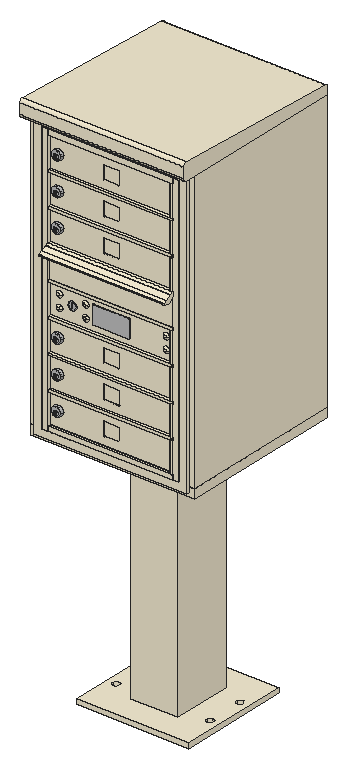
Revit family "Mailboxes_4C-Salsbury_Industries-Pedestal_Mounted-8_Door_High_Units", category Specialty Equipment, Revit 2016 (continued)
Definition of nested family "Mailboxes_4C-Salsbury_Industries-Front_Load-8_Door_High_Units"
  Nested families (in)
    nested 6: "3700 Series 4C Door Configurations" at (7.37475, -0.20495, 35) x (-1, 0, 0) z (0, 0, 1), type <- "Door Slot R6", Door Number <- "Door Slot R6 Number", type "MB1 Door w/ Divider"
      with Door Number "4"
    nested 7: "3700 Series 4C Door Configurations" at (7.37475, -0.20495, 31.5) x (-1, 0, 0) z (0, 0, 1), type <- "Door Slot R7", Door Number <- "Door Slot R7 Number", type "MB1 Door w/ Divider"
      with Door Number "5"
    nested 8: "3700 Series 4C Door Configurations" at (7.37475, -0.20495, 28) x (-1, 0, 0) z (0, 0, 1), type <- "Door Slot R8", Door Number <- "Door Slot R8 Number", type "MB1 Door w/ Divider"
      with Door Number "6"
    nested 9: "3700 Series 4C Door Configurations" at (7.37891, -0.20495, 52.5) x (-1, 0, 0) z (0, 0, 1), type <- "Door Slot L1", Door Number <- "Door Slot L1 Number", type "Empty"
      with Door Number "0"
    nested 10: "3700 Series 4C Door Configurations" at (7.37891, -0.20495, 49) x (-1, 0, 0) z (0, 0, 1), type <- "Door Slot L2", Door Number <- "Door Slot L2 Number", type "Empty"
      with Door Number "0"
    nested 11: "3700 Series 4C Door Configurations" at (7.37891, -0.20495, 45.5) x (-1, 0, 0) z (0, 0, 1), type <- "Door Slot L3", Door Number <- "Door Slot L3 Number", type "Empty"
      with Door Number "0"
    nested 12: "3700 Series 4C Door Configurations" at (7.37891, -0.20495, 42) x (-1, 0, 0) z (0, 0, 1), type <- "Door Slot L4", Door Number <- "Door Slot L4 Number", type "Empty"
      with Door Number "0"
    nested 13: "3700 Series 4C Door Configurations" at (7.37891, -0.20495, 38.5) x (-1, 0, 0) z (0, 0, 1), type <- "Door Slot L5", Door Number <- "Door Slot L5 Number", type "Empty"
      with Door Number "0"
    nested 14: "3700 Series 4C Door Configurations" at (7.37891, -0.20495, 35) x (-1, 0, 0) z (0, 0, 1), type <- "Door Slot L6", Door Number <- "Door Slot L6 Number", type "Empty"
      with Door Number "0"
    nested 15: "3700 Series 4C Door Configurations" at (7.37891, -0.20495, 31.5) x (-1, 0, 0) z (0, 0, 1), type <- "Door Slot L7", Door Number <- "Door Slot L7 Number", type "Empty"
      with Door Number "0"
    nested 16: "3700 Series 4C Door Configurations" at (7.37891, -0.20495, 28) x (-1, 0, 0) z (0, 0, 1), type <- "Door Slot L8", Door Number <- "Door Slot L8 Number", type "Empty"
      with Door Number "0"
  Definition of nested family "3700 Series 4C Door Configurations"
    Parameters (values of type "MB3 Door")
      Weight = "15 lbs."
      Visible Door Number = yes
      URL = ""
      Model = "3700MB3"
      Manufacturer = "Salsbury Industries"
      Lock Material = none
      Inset Offset = 0.000"
      Front Panel Material = none
      Door Width = 13.375"
      Door Visibility-MB1 = yes
      Door Number [instance] = "101"
      Door Lock = yes
      Door Height = 10.23047"
      Door Divider = no
      Door Depth = 0.25391"
      Description = "MB3 Door for 3700 Series 4C Mailboxes"
      Cost = 0
      Center Lock-Vertical = 0.875"
      Center Lock-Horizontal = 1.61523"
    Types (11): name | Weight | Visible Door Number | Model | Inset Offset | Door Visibility-MB1 | Door Lock | Door Height | Door Divider | Description
      MB1 Door w/ Divider | "5 lbs." | yes | "3700MB1" | 0.000" | yes | yes | 3.23047" | yes | "MB1 Door for 3700 Series 4C Mailboxes"
      MB1 Door | "5 lbs." | yes | "3700MB1" | 0.000" | yes | yes | 3.23047" | no | "MB1 Door for 3700 Series 4C Mailboxes"
      MB2 Door | "10 lbs." | yes | "3700MB2" | 0.000" | yes | yes | 6.73047" | no | "MB2 Door for 3700 Series 4C Mailboxes"
      MB2 Door w/ Divider | "10 lbs." | yes | "3700MB2" | 0.000" | yes | yes | 6.73047" | yes | "MB2 Door for 3700 Series 4C Mailboxes"
      MB3 Door | "15 lbs." | yes | "3700MB3" | 0.000" | yes | yes | 10.23047" | no | "MB3 Door for 3700 Series 4C Mailboxes"
      MB3 Door w/ Divider | "15 lbs." | yes | "3700MB3" | 0.000" | yes | yes | 10.23047" | yes | "MB3 Door for 3700 Series 4C Mailboxes"
      MB4 Door | "20 lbs." | yes | "3700MB4" | 0.000" | yes | yes | 13.73047" | no | "MB4 Door for 3700 Series 4C Mailboxes"
      MB4 Door w/ Divider | "20 lbs." | yes | "3700MB4" | 0.000" | yes | yes | 13.73047" | yes | "MB4 Door for 3700 Series 4C Mailboxes"
      Blank Door | "5 lbs." | no | "3700MB1" | 0.18359" | yes | no | 3.23047" | no | "MB1 Door for 3700 Series 4C Mailboxes"
      Blank Door w/ Divider | "5 lbs." | no | "3700MB1" | 0.18402" | yes | no | 3.23047" | yes | "MB1 Door for 3700 Series 4C Mailboxes"
      Empty | "5 lbs." | no | "Empty MB1" | 0.18359" | no | no | 3.23047" | no | "Empty MB1 Door for 3700 Series 4C Mailboxes"
    Reference planes (in)
      plane 1 "Center (Front/Back)": y = 0
      plane 2 "Bottom of Door": z = 0
      plane 3 "Center (Left/Right)": x = 0
      plane 4 "Left Side Face of Door": x = -6.6875
      plane 5 "Right Side Face of Door": x = 6.6875
      plane 6 "Back Face of Door": y = 0.12695
      plane 7 "Front Face of Door": y = -0.12695
      plane 8: z = 10.23047
      plane 9: z = 5.11523
      plane 10 "Face of Divider": y = -0.46995
      plane 11 "Center Lock Vertical": x = -5.8125
      plane 12 "Center Lock Horizontal": z = 1.61523
      plane 13 "Face of Lock": y = -0.42383
      plane 14 "Divider Height Align": z = 10.50047
      plane 15 "Inset Center": x = -0.0975
      plane 16 "Inset Offset": y = -0.12695
      plane 17: z = 5.49038
      plane 18: z = 4.74072
    Forms (in)
      Extrusion 1, solid, material <- "Front Panel Material", visible <- "Door Visibility-MB1"
        sketch origin (0, 0, 0) x (1, 0, 0) y (0, 1, 0)
          loop
            line (-6.4355, 0.12695) -> (-6.6875, -0.05445) -> (-6.6875, -0.12695) -> (6.05625, -0.12695)
            arc (6.05625, -0.12695) -> (6.19558, -0.17661) -> (6.27209, -0.3032) r 0.22029
            arc (6.27209, -0.3032) -> (6.3553, -0.42132) -> (6.4925, -0.46664) r 0.23034
            arc (6.4925, -0.46664) -> (6.63039, -0.40952) -> (6.6875, -0.27164) r 0.195
            line (6.6875, -0.27164) -> (6.6875, 0.12695) -> (-6.4355, 0.12695)
        from 0 to 10.23047
      Blend 2, solid, material <- "Lock Material", visible <- "Door Lock"
        base sketch origin (0, -0.12695, 0) x (-1, 0, 0) y (0, 0, 1)
          loop
            circle (5.8125, 5.11523) r 0.525
        top sketch origin (0, -0.12695, 0) x (-1, 0, 0) y (0, 0, 1)
          loop
            circle (5.8125, 5.11523) r 0.485
        from 0 to -0.29688
      Extrusion 3, solid, material <- "Front Panel Material", visible <- "Door Divider"
        sketch origin (0, 0, 10.50047) x (-1, 0, 0) y (0, -1, 0)
          loop
            line (6.6875, -0.12695) -> (6.6875, 0.46995) -> (-6.6875, 0.46995) -> (-6.6875, -0.12695) -> (6.6875, -0.12695)
        from -0.27 to 0
      Extrusion 4, void, detail levels fine
        sketch origin (0, -0.42383, 0) x (1, 0, 0) y (0, 0, 1)
          loop
            circle (-5.8125, 4.99523) r 0.285
        from 0 to -0.01562
      Extrusion 5, void, detail levels fine
        sketch origin (0, -0.42383, 0) x (1, 0, 0) y (0, 0, 1)
          loop
            line (-5.84183, 5.12353) -> (-5.84183, 4.82353) -> (-5.78183, 4.82353) -> (-5.78183, 5.12353) -> (-5.84183, 5.12353)
        from 0 to -0.03906
      Extrusion 6, void, detail levels fine
        sketch origin (0, -0.12695, 0) x (0, 0, 1) y (-1, 0, 0)
          loop
            arc (5.86523, 0.8475) -> (5.82862, 0.93589) -> (5.74023, 0.9725) r 0.125
            line (5.74023, 0.9725) -> (4.49023, 0.9725)
            arc (4.49023, 0.9725) -> (4.40185, 0.93589) -> (4.36523, 0.8475) r 0.125
            line (4.36523, 0.8475) -> (4.36523, -0.6525)
            arc (4.36523, -0.6525) -> (4.40185, -0.74089) -> (4.49023, -0.7775) r 0.125
            line (4.49023, -0.7775) -> (5.74023, -0.7775)
            arc (5.74023, -0.7775) -> (5.82862, -0.74089) -> (5.86523, -0.6525) r 0.125
            line (5.86523, -0.6525) -> (5.86523, 0.8475)
        from 0 to -0.03906
    Cuts and joins
      Extrusion 4, Extrusion 5 cuts Blend 2
      Extrusion 6 cuts Extrusion 1
    Lines and regions (in)
      symbolic lines
        curve 1: circle (-5.8125, 0, 5.11523) r 0.53054 normal (0, -1, 0)
    Dimensions and locks (in)
      equal spacing: plane 6 "Back Face of Door", plane 1 "Center (Front/Back)", plane 7 "Front Face of Door"
      "Door Depth": plane 6 "Back Face of Door" to plane 7 "Front Face of Door"
      equal spacing: plane 4 "Left Side Face of Door", plane 3 "Center (Left/Right)", plane 5 "Right Side Face of Door"  (x2)
      "Door Width": plane 4 "Left Side Face of Door" to plane 5 "Right Side Face of Door"
      locked: plane 7 "Front Face of Door" to plane 10 "Face of Divider" at 0.343
      "Center Lock-Vertical": plane 4 "Left Side Face of Door" to plane 11 "Center Lock Vertical"
      "Inset Offset": plane 16 "Inset Offset" to plane 7 "Front Face of Door"
      plane 4 "Left Side Face of Door" to plane 5 "Right Side Face of Door" = 13.375"
      plane 6 "Back Face of Door" to plane 10 "Face of Divider" = 0.59691"
      "Door Height": plane 8 to plane 2 "Bottom of Door"
      equal spacing: plane 8, plane 9, plane 2 "Bottom of Door"
      locked: plane 14 "Divider Height Align" to plane 8 at 0.27
      plane 17 to plane 9 to plane 18 = 0.37515" locked, 0.37452" locked
      aligned and locked: level to plane 2 "Bottom of Door"
      aligned and locked: plane 4 "Left Side Face of Door" to Extrusion 1
      aligned and locked: plane 6 "Back Face of Door" to Extrusion 1
      aligned and locked: plane 7 "Front Face of Door" to Extrusion 1
      aligned and locked: plane 8 to Extrusion 1
      aligned and locked: Extrusion 3 sketch curve to plane 4 "Left Side Face of Door"
      aligned and locked: Extrusion 3 sketch curve to plane 6 "Back Face of Door"
      aligned and locked: plane 5 "Right Side Face of Door" to Extrusion 3 sketch curve
      aligned and locked: Extrusion 3 to plane 8
      aligned and locked: plane 10 "Face of Divider" to Extrusion 3 sketch curve
      aligned and locked: plane 14 "Divider Height Align" to Extrusion 3
      aligned and locked: cut or joined group of Extrusion 1, Extrusion 6 to plane 2 "Bottom of Door"
      aligned and locked: plane 18 to text3d elem
    Automatic sketch dimensions
      Extrusion 1 sketch curve to plane 4 "Left Side Face of Door" = 0.000"
      Extrusion 1 sketch curve to plane 6 "Back Face of Door" = 0.000"
      Extrusion 1 sketch curve to plane 7 "Front Face of Door" = 0.000"
      Extrusion 1 sketch curve to plane 5 "Right Side Face of Door" = 0.000"
      Extrusion 1 sketch curve to plane 4 "Left Side Face of Door" = 0.252"
      plane 5 "Right Side Face of Door" to Extrusion 1 sketch curve = 0.63125"
      Extrusion 1 sketch curve to plane 7 "Front Face of Door" = 0.10935"
      plane 5 "Right Side Face of Door" to Extrusion 1 sketch curve = 0.195"
      Extrusion 1 sketch curve to plane 7 "Front Face of Door" = 0.14468"
      plane 10 "Face of Divider" to Extrusion 1 sketch curve = 0.12271"
      plane 1 "Center (Front/Back)" to Extrusion 1 sketch curve = 0.05445"
      plane 10 "Face of Divider" to Extrusion 1 sketch curve = 0.16676"
      Blend 2 sketch curve to plane 9 = 0.000"  (x2)
      plane 11 "Center Lock Vertical" to Blend 2 sketch curve = 0.000"  (x2)
      plane 11 "Center Lock Vertical" to Extrusion 4 sketch curve = 0.000"
      Extrusion 4 sketch curve to plane 9 = 0.120"
      Extrusion 4 sketch curve to Extrusion 4 sketch curve = 0.285"
      plane 11 "Center Lock Vertical" to Extrusion 5 sketch curve = 0.02933"
      Extrusion 5 sketch curve to plane 11 "Center Lock Vertical" = 0.03067"
      Extrusion 5 sketch curve to plane 9 = 0.2917"
      plane 9 to Extrusion 5 sketch curve = 0.0083"
      Extrusion 6 sketch curve to plane 9 = 0.750"
      Extrusion 6 sketch curve to Extrusion 6 sketch curve = 0.125"  (x3)
      plane 9 to Extrusion 6 sketch curve = 0.625"  (x2)
      plane 3 "Center (Left/Right)" to Extrusion 6 sketch curve = 0.7775"
      plane 15 "Inset Center" to Extrusion 6 sketch curve = 0.750"
      curve 1 to plane 9 = 0.000"
      plane 11 "Center Lock Vertical" to curve 1 = 0.000"
      radius of Blend 2 sketch curve = 0.525"
      radius of Blend 2 sketch curve = 0.485"
      radius of curve 1 = 0.53054"
  Definition of nested family "3700 Series 4C OM2 Configuration"
    Parameters (values of type "OM2-FL")
      Weight = ""
      URL = ""
      Access Lock Offset = 0.000"
      Access Lock = yes
      Model = "3700OM2-FL"
      Manufacturer = "Salsbury Industries"
      Lock Material = none
      Front Panel Material = none
      Door Width = 13.375"
      Door Number [instance] = "101"
      Door Height = 7.00047"
      Door Depth = 0.25391"
      Description = "OM2 Door for 3700 Series 4C Mailboxes-Front Loading"
      Cost = 0
      Center Lock-Vertical = 2.360"
      Center Lock-Horizontal = 1.61523"
    Types (3): name | Access Lock Offset | Access Lock | Model | Description
      (no name) | 0.000" | yes | "3700OM2-FL" | "OM2 Door for 3700 Series 4C Mailboxes-Front Loading"
      OM2-FL | 0.000" | yes | "3700OM2-FL" | "OM2 Door for 3700 Series 4C Mailboxes-Front Loading"
      OM2-RL | 0.3125" | no | "3700OM2-RL" | "OM2 Door for 3700 Series 4C Mailboxes-Rear Loading"
    Reference planes (in)
      plane 1 "Center (Front/Back)": y = 0
      plane 2 "Bottom of Door": z = 0
      plane 3 "Center (Left/Right)": x = 0
      plane 4 "Left Side Face of Door": x = -6.6875
      plane 5 "Right Side Face of Door": x = 6.6875
      plane 6 "Back Face of Door": y = 0.12695
      plane 7 "Front Face of Door": y = -0.12695
      plane 8: z = 3.23047
      plane 9: z = 1.61523
      plane 10: y = -0.46995
      plane 11 "Center Lock Vertical": x = -4.3275
      plane 12 "Center Lock Horizontal": z = 1.61523
      plane 13 "Face of Lock": y = -0.42383
      plane 14 "Divider Height Align": z = 3.50047
      plane 15 "Plate Center": x = -0.16063
      plane 16 "Left Stud Align": x = -5.7025
      plane 17 "Right Stud Align": x = -2.8895
      plane 18 "Top Stud Align": z = 2.27147
      plane 19 "Bottom Stud Align": z = 0.95947
      plane 20 "Hinge Stud Align": x = 5.6875
      plane 21 "Mail Plate Top": z = 2.61547
      plane 22 "Mail Plate Bottom": z = 0.61547
      plane 23: x = -2.1595
      plane 24: x = 1.8405
      plane 25 "Face of Mail Plate": y = -0.16602
      plane 26 "Top of Mail Drop Door": z = 6.73094
      plane 27 "Top of Mail Drop Divider": z = 7.00047
      plane 28 "Face of Mail Drop": y = -0.31995
      plane 29 "Top of Mail Slot": z = 6.42087
      plane 30 "Bottom of Mail Slot": z = 5.67087
      plane 31 "Left Edge of Mail Slot": x = -5.3755
      plane 32 "Right Edge of Mail Slot": x = 5.3755
      plane 33 "Mail Slot Bottom Protusion": z = 6.50987
      plane 34: y = -0.49395
      plane 35: z = 6.15637
      plane 36 "Front of Awning": y = -1.63495
      plane 37: y = -1.15685
      plane 38 "Mail Slot Slope": through (-240, -0.44582, 6.9722) normal (0, -0.5, 0.866)
      plane 39 "Access Lock Offset": y = 0.12695
    Forms (in)
      Extrusion 1, solid, material <- "Front Panel Material"
        sketch origin (0, 0, 0) x (1, 0, 0) y (0, 1, 0)
          loop
            line (-6.4355, 0.12695) -> (-6.6875, -0.05445) -> (-6.6875, -0.12695) -> (6.05625, -0.12695)
            arc (6.05625, -0.12695) -> (6.19558, -0.17661) -> (6.27209, -0.3032) r 0.22029
            arc (6.27209, -0.3032) -> (6.3553, -0.42132) -> (6.4925, -0.46664) r 0.23034
            arc (6.4925, -0.46664) -> (6.63039, -0.40952) -> (6.6875, -0.27164) r 0.195
            line (6.6875, -0.27164) -> (6.6875, 0.12695) -> (-6.4355, 0.12695)
        from 0 to 3.23047
      Extrusion 2, solid, material <- "Front Panel Material"
        sketch origin (0, 0, 3.50047) x (-1, 0, 0) y (0, -1, 0)
          loop
            line (6.6875, -0.12695) -> (6.6875, 0.46995) -> (-6.6875, 0.46995) -> (-6.6875, -0.12695) -> (6.6875, -0.12695)
        from -0.27 to 0
      Extrusion 3, void
        sketch origin (0, 0.12695, 0) x (0, 0, -1) y (-1, 0, 0)
          loop
            circle (-1.61523, 4.3275) r 0.4375
        from 0 to -0.25391
      Extrusion 4, solid, material <- "Lock Material", visible <- "Access Lock"
        sketch origin (0, 0.12695, 0) x (0, 0, -1) y (-1, 0, 0)
          loop
            circle (-1.61523, 4.3275) r 0.42913
        from 0 to -0.25391
      Extrusion 5, void, detail levels fine
        sketch origin (0, 0.12695, 3.4) x (-1, 0, 0) y (0, 0, 1)
          loop
            line (4.3568, -1.47517) -> (4.2982, -1.47517) -> (4.2982, -2.09436) -> (4.3568, -2.09436) -> (4.3568, -1.47517)
        from -0.12695 to -0.25391
      Blend 6, solid, material <- "Front Panel Material", detail levels medium+fine
        base sketch origin (0, -0.12695, 2.68123) x (-1, 0, 0) y (0, 0, 1)
          loop
            circle (5.7025, -0.40977) r 0.15665
        top sketch origin (0, -0.12695, 2.68123) x (-1, 0, 0) y (0, 0, 1)
          loop
            circle (5.7025, -0.40977) r 0.3125
        from -0.11328 to 0
      Blend 7, solid, material <- "Front Panel Material", detail levels medium+fine
        base sketch origin (1.3125, -0.12695, 2.68123) x (-1, 0, 0) y (0, 0, 1)
          loop
            circle (4.202, -0.40977) r 0.15665
        top sketch origin (1.3125, -0.12695, 2.68123) x (-1, 0, 0) y (0, 0, 1)
          loop
            circle (4.202, -0.40977) r 0.3125
        from -0.11328 to 0
      Blend 8, solid, material <- "Front Panel Material", detail levels medium+fine
        base sketch origin (0, -0.12695, 1.36923) x (-1, 0, 0) y (0, 0, 1)
          loop
            circle (5.7025, -0.40977) r 0.15665
        top sketch origin (0, -0.12695, 1.36923) x (-1, 0, 0) y (0, 0, 1)
          loop
            circle (5.7025, -0.40977) r 0.3125
        from -0.11328 to 0
      Blend 9, solid, material <- "Front Panel Material", detail levels medium+fine
        base sketch origin (1.3125, -0.12695, 1.36923) x (-1, 0, 0) y (0, 0, 1)
          loop
            circle (4.202, -0.40977) r 0.15665
        top sketch origin (1.3125, -0.12695, 1.36923) x (-1, 0, 0) y (0, 0, 1)
          loop
            circle (4.202, -0.40977) r 0.3125
        from -0.11328 to 0
      Blend 10, solid, material <- "Front Panel Material", detail levels medium+fine
        base sketch origin (9.8895, -0.12695, 2.68123) x (-1, 0, 0) y (0, 0, 1)
          loop
            circle (4.202, -0.40977) r 0.15665
        top sketch origin (9.8895, -0.12695, 2.68123) x (-1, 0, 0) y (0, 0, 1)
          loop
            circle (4.202, -0.40977) r 0.3125
        from -0.11328 to 0
      Blend 11, solid, material <- "Front Panel Material", detail levels medium+fine
        base sketch origin (9.8895, -0.12695, 1.36923) x (-1, 0, 0) y (0, 0, 1)
          loop
            circle (4.202, -0.40977) r 0.15665
        top sketch origin (9.8895, -0.12695, 1.36923) x (-1, 0, 0) y (0, 0, 1)
          loop
            circle (4.202, -0.40977) r 0.3125
        from -0.11328 to 0
      Extrusion 12, solid, material <- "Lock Material"
        sketch origin (0, -0.12695, 0) x (-1, 0, 0) y (0, 0, 1)
          loop
            line (1.96028, 2.61547) -> (-1.64128, 2.61547)
            arc (-1.64128, 2.61547) -> (-1.78215, 2.55712) -> (-1.8405, 2.41625) r 0.19922
            line (-1.8405, 2.41625) -> (-1.8405, 0.81469)
            arc (-1.8405, 0.81469) -> (-1.78215, 0.67382) -> (-1.64128, 0.61547) r 0.19922
            line (-1.64128, 0.61547) -> (1.96028, 0.61547)
            arc (1.96028, 0.61547) -> (2.10115, 0.67382) -> (2.1595, 0.81469) r 0.19922
            line (2.1595, 0.81469) -> (2.1595, 2.41625)
            arc (2.1595, 2.41625) -> (2.10115, 2.55712) -> (1.96028, 2.61547) r 0.19922
        from 0 to -0.03906
      Extrusion 13, solid, material <- "Front Panel Material"
        sketch origin (-2.13946, 0, 3.50047) x (-1, 0, 0) y (0, -1, 0)
          loop
            line (4.54804, -0.12695) -> (4.54804, 0.31995) -> (-8.82696, 0.31995) -> (-8.82696, -0.12695) -> (4.54804, -0.12695)
        from 0 to 3.0094
      Extrusion 14, void
        sketch origin (0, -0.31995, 0) x (0, 0, -1) y (-1, 0, 0)
          loop
            arc (-5.67087, 5.0005) -> (-6.04587, 5.3755) -> (-6.42087, 5.0005) r 0.375
            line (-6.42087, 5.0005) -> (-6.42087, -5.0005)
            arc (-6.42087, -5.0005) -> (-6.04587, -5.3755) -> (-5.67087, -5.0005) r 0.375
            line (-5.67087, -5.0005) -> (-5.67087, 5.0005)
        from 0 to 0.44691
      Extrusion 15, solid, material <- "Front Panel Material"
        sketch origin (0, 0, 0) x (0, 1, 0) y (0, 0, 1)
          loop
            line (0.12695, 6.50987) -> (0.12695, 7.00047) -> (-0.46995, 7.00047) -> (-0.75605, 6.83078) -> (-0.73973, 6.80251) -> (-1.27431, 6.49388) -> (-1.29063, 6.52214) -> (-1.61027, 6.3376)
            arc (-1.61027, 6.3376) -> (-1.63087, 6.31111) -> (-1.62714, 6.27777) r 0.04454
            line (-1.62714, 6.27777) -> (-1.5282, 6.17883)
            arc (-1.5282, 6.17883) -> (-1.4937, 6.16211) -> (-1.4558, 6.15637) r 0.12791
            line (-1.4558, 6.15637) -> (-1.10623, 6.15637) -> (-0.49395, 6.50987) -> (0.12695, 6.50987)
        from -6.6875 to 6.6875
    Cuts and joins
      Extrusion 3 cuts Extrusion 1
      Extrusion 5 cuts Extrusion 4
      Extrusion 14 cuts Extrusion 13
    Lines and regions (in)
      symbolic lines
        curve 1: circle (-5.7025, -0.12695, 2.27147) r 0.3125 normal (0, 1, 0)
        curve 2: circle (-5.7025, -0.12695, 0.95947) r 0.3125 normal (0, 1, 0)
        curve 3: circle (-2.8895, -0.12695, 0.95947) r 0.3125 normal (0, 1, 0)
        curve 4: circle (-2.8895, -0.12695, 2.27147) r 0.3125 normal (0, 1, 0)
        curve 5: circle (-4.3275, -0.12695, 1.61523) r 0.42913 normal (0, 1, 0)
        curve 6: circle (5.6875, -0.12695, 0.95947) r 0.3125 normal (0, 1, 0)
        curve 7: circle (5.6875, -0.12695, 2.27147) r 0.3125 normal (0, 1, 0)
        curve 8: arc (-2.1595, -0.12695, 2.41625) -> (-2.10115, -0.12695, 2.55712) -> (-1.96028, -0.12695, 2.61547) r 0.19922
        curve 9: arc (1.8405, -0.12695, 2.41625) -> (1.78215, -0.12695, 2.55712) -> (1.64128, -0.12695, 2.61547) r 0.19922
        curve 10: arc (1.8405, -0.12695, 0.81469) -> (1.78215, -0.12695, 0.67382) -> (1.64128, -0.12695, 0.61547) r 0.19922
        curve 11: arc (-1.96028, -0.12695, 0.61547) -> (-2.10115, -0.12695, 0.67382) -> (-2.1595, -0.12695, 0.81469) r 0.19922
        curve 12: line (-2.1595, -0.12695, 0.81469) -> (-2.1595, -0.12695, 2.41625)
        curve 13: line (-1.96028, -0.12695, 2.61547) -> (1.64128, -0.12695, 2.61547)
        curve 14: line (1.8405, -0.12695, 2.41625) -> (1.8405, -0.12695, 0.81469)
        curve 15: line (1.64128, -0.12695, 0.61547) -> (-1.96028, -0.12695, 0.61547)
    Dimensions and locks (in)
      equal spacing: plane 6 "Back Face of Door", plane 1 "Center (Front/Back)", plane 7 "Front Face of Door"
      "Door Depth": plane 6 "Back Face of Door" to plane 7 "Front Face of Door"
      equal spacing: plane 4 "Left Side Face of Door", plane 3 "Center (Left/Right)", plane 5 "Right Side Face of Door"
      "Door Width": plane 4 "Left Side Face of Door" to plane 5 "Right Side Face of Door"
      plane 8 to level = 3.23047"
      equal spacing: plane 8, plane 9, level
      locked: plane 7 "Front Face of Door" to plane 10 at 0.343
      "Center Lock-Vertical": plane 4 "Left Side Face of Door" to plane 11 "Center Lock Vertical"
      "Center Lock-Horizontal": plane 8 to plane 12 "Center Lock Horizontal"
      locked: plane 14 "Divider Height Align" to plane 8 at 0.27
      plane 4 "Left Side Face of Door" to plane 16 "Left Stud Align" to plane 17 "Right Stud Align" = 0.985", 2.813"
      plane 8 to plane 18 "Top Stud Align" to plane 19 "Bottom Stud Align" = 0.959", 1.312"
      plane 20 "Hinge Stud Align" to plane 5 "Right Side Face of Door" = 1.000"
      plane 8 to plane 21 "Mail Plate Top" to plane 22 "Mail Plate Bottom" = 0.615", 2.000"
      plane 4 "Left Side Face of Door" to plane 23 to plane 24 = 4.528", 4.000"
      plane 27 "Top of Mail Drop Divider" to plane 26 "Top of Mail Drop Door" to plane 14 "Divider Height Align" = 0.26953" locked, 3.23047"
      "Door Height": plane 27 "Top of Mail Drop Divider" to level
      plane 28 "Face of Mail Drop" to plane 10 = 0.150"
      locked: plane 27 "Top of Mail Drop Divider" to plane 29 "Top of Mail Slot" at 0.5796
      locked: plane 29 "Top of Mail Slot" to plane 30 "Bottom of Mail Slot" at 0.75
      locked: plane 4 "Left Side Face of Door" to plane 31 "Left Edge of Mail Slot" at 1.312
      locked: plane 32 "Right Edge of Mail Slot" to plane 5 "Right Side Face of Door" at 1.312
      locked: plane 33 "Mail Slot Bottom Protusion" to plane 29 "Top of Mail Slot" at 0.089
      plane 28 "Face of Mail Drop" to plane 34 = 0.174"
      plane 33 "Mail Slot Bottom Protusion" to plane 35 = 0.3535"
      plane 28 "Face of Mail Drop" to plane 36 "Front of Awning" = 1.315"
      plane 4 "Left Side Face of Door" to plane 5 "Right Side Face of Door" = 13.375"
      plane 6 "Back Face of Door" to plane 36 "Front of Awning" = 1.76191"
      "Access Lock Offset": plane 39 "Access Lock Offset" to plane 6 "Back Face of Door"
      aligned and locked: level to plane 2 "Bottom of Door"
      aligned and locked: plane 4 "Left Side Face of Door" to Extrusion 1
      aligned and locked: plane 6 "Back Face of Door" to Extrusion 1
      aligned and locked: plane 7 "Front Face of Door" to Extrusion 1
      aligned and locked: Extrusion 1 to level
      aligned and locked: plane 8 to Extrusion 1
      aligned and locked: Extrusion 2 sketch curve to plane 4 "Left Side Face of Door"
      aligned and locked: Extrusion 2 sketch curve to plane 6 "Back Face of Door"
      aligned and locked: plane 5 "Right Side Face of Door" to Extrusion 2 sketch curve
      aligned and locked: Extrusion 2 to plane 8
      aligned and locked: plane 10 to Extrusion 2 sketch curve
      aligned and locked: plane 14 "Divider Height Align" to Extrusion 2
      aligned and locked: plane 4 "Left Side Face of Door" to Extrusion 2
      aligned and locked: Extrusion 2 to plane 5 "Right Side Face of Door"
      aligned and locked: Extrusion 13 to plane 28 "Face of Mail Drop"
      aligned and locked: plane 29 "Top of Mail Slot" to Extrusion 14 sketch curve
      aligned and locked: cut or joined group of Extrusion 13, Extrusion 14 to cut or joined group of Extrusion 13, Extrusion 14
      aligned and locked: cut or joined group of Extrusion 1, Extrusion 3 to plane 2 "Bottom of Door"
    Automatic sketch dimensions
      Extrusion 1 sketch curve to plane 4 "Left Side Face of Door" = 0.000"
      Extrusion 1 sketch curve to plane 6 "Back Face of Door" = 0.000"
      Extrusion 1 sketch curve to plane 7 "Front Face of Door" = 0.000"
      Extrusion 1 sketch curve to plane 5 "Right Side Face of Door" = 0.000"
      Extrusion 1 sketch curve to plane 4 "Left Side Face of Door" = 0.252"
      Extrusion 1 sketch curve to plane 20 "Hinge Stud Align" = 0.36875"
      Extrusion 1 sketch curve to plane 25 "Face of Mail Plate" = 0.07029"
      plane 5 "Right Side Face of Door" to Extrusion 1 sketch curve = 0.195"
      Extrusion 1 sketch curve to plane 25 "Face of Mail Plate" = 0.10562"
      Extrusion 1 sketch curve to plane 13 "Face of Lock" = 0.07658"
      plane 1 "Center (Front/Back)" to Extrusion 1 sketch curve = 0.05445"
      Extrusion 1 sketch curve to plane 13 "Face of Lock" = 0.12063"
      Extrusion 5 sketch curve to plane 11 "Center Lock Vertical" = 0.0293"
      plane 11 "Center Lock Vertical" to Extrusion 5 sketch curve = 0.0293"
      Extrusion 5 sketch curve to plane 9 = 0.30959"
      plane 9 to Extrusion 5 sketch curve = 0.30959"
      plane 16 "Left Stud Align" to Blend 6 sketch curve = 0.000"  (x2)
      Blend 6 sketch curve to plane 18 "Top Stud Align" = 0.000"  (x2)
      plane 17 "Right Stud Align" to Blend 7 sketch curve = 0.000"  (x2)
      Blend 7 sketch curve to plane 18 "Top Stud Align" = 0.000"  (x2)
      plane 16 "Left Stud Align" to Blend 8 sketch curve = 0.000"  (x2)
      Blend 8 sketch curve to plane 19 "Bottom Stud Align" = 0.000"  (x2)
      plane 17 "Right Stud Align" to Blend 9 sketch curve = 0.000"  (x2)
      Blend 9 sketch curve to plane 19 "Bottom Stud Align" = 0.000"  (x2)
      Blend 10 sketch curve to plane 18 "Top Stud Align" = 0.000"  (x2)
      plane 20 "Hinge Stud Align" to Blend 10 sketch curve = 0.000"  (x2)
      Blend 11 sketch curve to plane 19 "Bottom Stud Align" = 0.000"  (x2)
      plane 20 "Hinge Stud Align" to Blend 11 sketch curve = 0.000"  (x2)
      plane 24 to Extrusion 12 sketch curve = 0.000"
      Extrusion 12 sketch curve to plane 22 "Mail Plate Bottom" = 0.000"
      Extrusion 12 sketch curve to plane 21 "Mail Plate Top" = 0.000"
      plane 23 to Extrusion 12 sketch curve = 0.000"
      plane 24 to Extrusion 12 sketch curve = 0.19922"  (x2)
      plane 18 "Top Stud Align" to Extrusion 12 sketch curve = 0.14478"
      Extrusion 12 sketch curve to plane 23 = 0.19922"
      Extrusion 13 sketch curve to plane 5 "Right Side Face of Door" = 0.000"
      Extrusion 13 sketch curve to plane 4 "Left Side Face of Door" = 0.000"
      Extrusion 13 sketch curve to plane 6 "Back Face of Door" = 0.000"
      Extrusion 13 sketch curve to plane 7 "Front Face of Door" = 0.193"
      Extrusion 14 sketch curve to plane 30 "Bottom of Mail Slot" = 0.000"
      plane 32 "Right Edge of Mail Slot" to Extrusion 14 sketch curve = 0.375"
      Extrusion 14 sketch curve to plane 31 "Left Edge of Mail Slot" = 0.375"
      Extrusion 15 sketch curve to plane 35 = 0.000"
      Extrusion 15 sketch curve to plane 33 "Mail Slot Bottom Protusion" = 0.000"
      Extrusion 15 sketch curve to plane 34 = 0.000"
      Extrusion 15 sketch curve to plane 27 "Top of Mail Drop Divider" = 0.000"
      Extrusion 15 sketch curve to plane 6 "Back Face of Door" = 0.000"
      plane 26 "Top of Mail Drop Door" to Extrusion 15 sketch curve = 0.07158"
      Extrusion 15 sketch curve to plane 34 = 0.24578"
      plane 26 "Top of Mail Drop Door" to Extrusion 15 sketch curve = 0.09984"
      Extrusion 15 sketch curve to Extrusion 15 sketch curve = 0.01632"
      plane 37 to Extrusion 15 sketch curve = 0.05062"
      Extrusion 15 sketch curve to plane 33 "Mail Slot Bottom Protusion" = 0.01599"
      plane 33 "Mail Slot Bottom Protusion" to Extrusion 15 sketch curve = 0.01227"
      plane 36 "Front of Awning" to Extrusion 15 sketch curve = 0.17915"
      plane 35 to Extrusion 15 sketch curve = 0.02246"
      Extrusion 15 sketch curve to Extrusion 15 sketch curve = 0.0724"
      plane 36 "Front of Awning" to Extrusion 15 sketch curve = 0.04696"
      plane 36 "Front of Awning" to Extrusion 15 sketch curve = 0.02469"
      plane 36 "Front of Awning" to Extrusion 15 sketch curve = 0.00781"
      Extrusion 15 sketch curve to Extrusion 15 sketch curve = 0.05983"
      Extrusion 4 sketch curve to plane 9 = 0.000"
      plane 11 "Center Lock Vertical" to Extrusion 4 sketch curve = 0.000"
      Extrusion 3 sketch curve to plane 9 = 0.000"
      plane 11 "Center Lock Vertical" to Extrusion 3 sketch curve = 0.000"
      curve 6 to plane 19 "Bottom Stud Align" = 0.000"
      plane 20 "Hinge Stud Align" to curve 6 = 0.000"
      curve 7 to plane 18 "Top Stud Align" = 0.000"
      plane 20 "Hinge Stud Align" to curve 7 = 0.000"
      plane 24 to curve 14 = 0.000"
      curve 9 to plane 21 "Mail Plate Top" = 0.000"
      curve 11 to plane 22 "Mail Plate Bottom" = 0.000"
      plane 23 to curve 12 = 0.000"
      plane 17 "Right Stud Align" to curve 4 = 0.000"
      plane 17 "Right Stud Align" to curve 3 = 0.000"
      curve 5 to plane 9 = 0.000"
      plane 11 "Center Lock Vertical" to curve 5 = 0.000"
      plane 16 "Left Stud Align" to curve 1 = 0.000"
      plane 16 "Left Stud Align" to curve 2 = 0.000"
      curve 2 to plane 19 "Bottom Stud Align" = 0.000"
      curve 3 to plane 19 "Bottom Stud Align" = 0.000"
      curve 1 to plane 18 "Top Stud Align" = 0.000"
      curve 4 to plane 18 "Top Stud Align" = 0.000"
      plane 18 "Top Stud Align" to curve 9 = 0.14478"
      curve 10 to plane 19 "Bottom Stud Align" = 0.14478"
      plane 18 "Top Stud Align" to curve 8 = 0.14478"
      curve 11 to plane 19 "Bottom Stud Align" = 0.14478"
      radius of Blend 6 sketch curve = 0.15665"
      radius of Blend 6 sketch curve = 0.3125"
      radius of Blend 7 sketch curve = 0.15665"
      radius of Blend 7 sketch curve = 0.3125"
      radius of Blend 8 sketch curve = 0.15665"
      radius of Blend 8 sketch curve = 0.3125"
      radius of Blend 9 sketch curve = 0.15665"
      radius of Blend 9 sketch curve = 0.3125"
      radius of Blend 10 sketch curve = 0.15665"
      radius of Blend 10 sketch curve = 0.3125"
      radius of Blend 11 sketch curve = 0.15665"
      radius of Blend 11 sketch curve = 0.3125"
      radius of Extrusion 4 sketch curve = 0.42913"
      radius of Extrusion 3 sketch curve = 0.4375"
      radius of curve 1 = 0.3125"
      radius of curve 2 = 0.3125"
      radius of curve 3 = 0.3125"
      radius of curve 4 = 0.3125"
      radius of curve 5 = 0.42913"
      radius of curve 6 = 0.3125"
      radius of curve 7 = 0.3125"
Types (9): name | Width | Model | Door Slot R8 Number | Door Slot R7 Number | Door Slot R6 Number | Door Slot R4 Number | Door Slot R3 Number | Door Slot R2 Number | Door Slot R1 Number | Door Slot L8 Number | Door Slot L7 Number | Door Slot L6 Number | Door Slot L5 Number | Door Slot L4 Number | Door Slot L3 Number | Door Slot L2 Number | Door Slot L1 Number | Description | 4C Unit
  3408S-06 | 17.496" | "3408S-06" | "6" | "5" | "4" | "0" | "3" | "2" | "1" | "0" | "0" | "0" | "0" | "0" | "0" | "0" | "0" | "8 Door High Unit:  6 MB1, OM2" | Mailboxes_4C-Salsbury_Industries-Front_Load-8_Door_High_Units : 3708S-06 FL
  3408D-14 | 32.250" | "3408D-14" | "14" | "13" | "12" | "0" | "11" | "10" | "9" | "8" | "7" | "6" | "5" | "4" | "3" | "2" | "1" | "8 Door High Unit:  14 MB1, OM2" | Mailboxes_4C-Salsbury_Industries-Front_Load-8_Door_High_Units : 3708D-14 FL
  3408D-13 | 32.250" | "3408D-13" | "13" | "12" | "0" | "0" | "11" | "10" | "9" | "8" | "7" | "6" | "5" | "4" | "3" | "2" | "1" | "8 Door High Unit:  13 MB1, OM3" | Mailboxes_4C-Salsbury_Industries-Front_Load-8_Door_High_Units : 3708D-13 FL
  3408D-09 | 32.250" | "3408D-09" | "9" | "8" | "7" | "0" | "6" | "5" | "4" | "1P" | "0" | "0" | "0" | "0" | "3" | "2" | "1" | "8 Door High Unit:  9 MB1, 1 PL5, OM2" | Mailboxes_4C-Salsbury_Industries-Front_Load-8_Door_High_Units : 3708D-09 FL
  3408D-07 | 32.250" | "3408D-07" | "7" | "0" | "6" | "0" | "0" | "5" | "0" | "4" | "0" | "3" | "0" | "2" | "0" | "1" | "0" | "8 Door High Unit:  7 MB2, OM2" | Mailboxes_4C-Salsbury_Industries-Front_Load-8_Door_High_Units : 3708D-07 FL
  3408D-04 | 32.250" | "3408D-04" | "4" | "0" | "3" | "0" | "0" | "2" | "0" | "1P" | "0" | "0" | "0" | "0" | "0" | "1" | "0" | "8 Door High Unit:  4 MB2, 1 PL6, OM2" | Mailboxes_4C-Salsbury_Industries-Front_Load-8_Door_High_Units : 3708D-04 FL
  3408S-03 | 17.496" | "3408S-03" | "3" | "0" | "2" | "0" | "0" | "1" | "0" | "0" | "0" | "0" | "0" | "0" | "0" | "0" | "0" | "8 Door High Unit:  3 MB2, OM2" | Mailboxes_4C-Salsbury_Industries-Front_Load-8_Door_High_Units : 3708S-03 FL
  3408S-01 | 17.496" | "3408S-01" | "1P" | "0" | "0" | "0" | "0" | "0" | "1" | "0" | "0" | "0" | "0" | "0" | "0" | "0" | "0" | "8 Door High Unit:  1 MB1, 1 PL5, OM2" | Mailboxes_4C-Salsbury_Industries-Front_Load-8_Door_High_Units : 3708S-01 FL
  3408S-2P | 17.496" | "3408S-2P" | "2P" | "0" | "0" | "1P" | "0" | "0" | "0" | "0" | "0" | "0" | "0" | "0" | "0" | "0" | "0" | "8 Door High Unit:  2 PL4" | Mailboxes_4C-Salsbury_Industries-Front_Load-8_Door_High_Units : 3708S-2P FL
